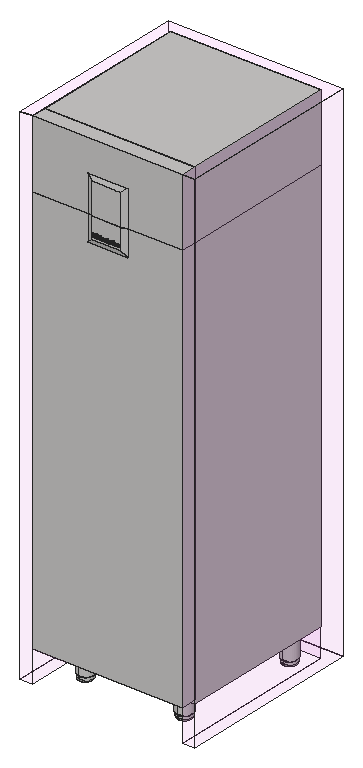
Revit family "QF_ELECTROLUXPROFESSIONAL_691344_PS04R1FHC", category Specialty Equipment, Revit 2018
Family settings
  Round Connector Dimension = Use Diameter
  Part Type = Normal
  Work Plane-Based = No
  Always vertical = Yes
  Cut with Voids When Loaded = No
  Shared = No
  Room Calculation Point = No
Parameters (values of type "Standard")
  Weight = 20.3689 lbm
  Watts = 0 W
  Volts = 220 V
  URL Manufacturer = "http://professional.electrolux.com"
  URL = "http://professional.electrolux.com"
  Steam Supply Size = 0"
  Steam Supply Minimum Pressure = 0.00 psi
  Steam Supply Maximum Pressure = 0.00 psi
  Steam Pounds per Hour = 0
  Show Clearance [instance] = yes
  Refrigeration Suction Line Size = 0"
  Refrigeration Liquid Line Size = 0"
  Refrigerant Compressor Remote = yes
  Phase = 1
  Model = "PS04R1FHC"
  Manufacturer = "Electrolux Professional"
  Length Actual = 600 mm  # constant formula
  Item Number = "691344"
  Hot Water Size = 0"
  Height Actual = 2040 mm  # constant formula
  HP = "0.2 HP"
  Gas Size = 0"
  Gas KW = 0
  Gas Input Pressure = 0.0 Btu/h
  Direct Waste Size = 0"
  Description = "1-DOOR REFRIGERATOR 470LT,0/+10°,PROSTORE-R290"
  Depth Actual = 700 mm  # constant formula
  Cycle = 50 Hz
  Condensate Return Size = 0"
  Compressed Air Volume = 0 GPM
  Compressed Air Size = 0"
  Compressed Air Pressure = 0.00 psi
  Cold Water Size = 0"
  Accessory = yes
Types (2, lengths in mm): name | URL | Phase | Model | Manufacturer | Description
  (no name) | "http://professional.electrolux.com/" | 0 | "RBC201" | "Electrolux" | "BLAST CHILLER 56 KG 20 GN1/1"
  Standard | "http://professional.electrolux.com" | 1 | "PS04R1FHC" | "Electrolux Professional" | "1-DOOR REFRIGERATOR 470LT,0/+10°,PROSTORE-R290"
Values of the unnamed type that differ from the named types
  Volts = 380 V
  URL Manufacturer = "http://professional.electrolux.com/"
  Item Number = "726624"
Reference planes
  plane 1 "BACK": y = 0
  plane 2: z = 0
  plane 3 "LEFT": x = 0
  plane 4 "RIGHT": x = 600
  plane 5 "FRONT": y = -700
  plane 6 "TOP": z = 2040
  plane 7 "Center Y": x = 300
  plane 8 "Center X": y = -350
  plane 9: x = 102
  plane 10: x = 498
  plane 11: z = 115
  plane 12: z = 86
  plane 13: y = -80
  plane 14: y = -694
  plane 15: y = -1227
  plane 16: y = -630
  plane 17: z = 1770
  plane 18: x = -50
  plane 19: y = 50
  plane 20: x = 650
Forms (mm)
  Extrusion 1, solid, material "QF_Metal - Stainless - Polished"
    sketch origin (0, 0, 0) x (1, 0, 0) y (0, 0, 1)
      loop
        line (0, 2040) -> (0, 1770) -> (600, 1770) -> (600, 2040) -> (0, 2040)
    from 0 to 630
  Extrusion 2, solid, material "QF_Metal - Stainless - Polished"
    sketch origin (0, 0, 0) x (1, 0, 0) y (0, 0, 1)
      loop
        line (0, 1770) -> (0, 115) -> (600, 115) -> (600, 1770) -> (0, 1770)
    from 0 to 630
  Extrusion 3, solid, material "QF_Metal - Stainless - Polished"
    sketch origin (-370, 0, -128) x (1, 0, 0) y (0, 0, 1)
      loop
        circle (450, 1847.083) r 20
    from -7.507 to 0
  Extrusion 4, solid, material "QF_Door-Drawer Clearances", visible <- "Show Clearance", detail levels coarse
    sketch origin (0, 0, 0) x (1, 0, 0) y (0, 1, 0)
      loop
        line (600, -694) -> (0, -694)
        arc (0, -694) -> (187.42, -1087.232) -> (600, -1227) r 559.707
        line (600, -1227) -> (600, -694)
    from 127.536 to 1770
  Extrusion 5, solid, material "QF_Metal - Stainless - Polished"
    sketch origin (0, 130.478, 0) x (1, 0, 0) y (0, 0, 1)
      loop
        line (0, 2040) -> (0, 1770) -> (600, 1770) -> (600, 2040) -> (0, 2040)
    from 760.478 to 824.478
  Extrusion 6, solid, material "QF_Metal - Stainless - Polished"
    sketch origin (0, 140, 0) x (1, 0, 0) y (0, 0, 1)
      loop
        line (0, 1770) -> (0, 127.536) -> (600, 127.536) -> (600, 1770) -> (0, 1770)
    from 834 to 770
  Revolve 7, solid, material "QF_Metal - Stainless - Polished"
    sketch origin (497.59, -2.833, 0) x (0, 1, 0) y (0, 0, -1)
      loop
        line (-590.954, -115) -> (-553.167, -115) -> (-553.167, 0) -> (-578.757, 0)
        arc (-578.757, 0) -> (-580.973, -2.655) -> (-581.767, -6.021) r 7.527
        line (-581.767, -6.021) -> (-581.767, -17.561) -> (-585.28, -21.074) -> (-585.28, -110.008) -> (-590.954, -110.008) -> (-590.954, -115)
      axis (-553.167, 0) -> (-553.167, -115)
    angle from 0 to 360
  Revolve 8, solid, material "QF_Metal - Stainless - Polished"
    sketch origin (102, -2.833, 0) x (0, 1, 0) y (0, 0, 1)
      loop
        line (-590.954, 115) -> (-590.954, 110.008) -> (-585.28, 110.008) -> (-585.28, 21.074) -> (-581.767, 17.561) -> (-581.767, 6.021)
        arc (-581.767, 6.021) -> (-580.973, 2.655) -> (-578.757, 0) r 7.527
        line (-578.757, 0) -> (-553.167, 0) -> (-553.167, 115) -> (-590.954, 115)
      axis (-553.167, 0) -> (-553.167, 115)
    angle from 0 to 360
  Revolve 9, solid, material "QF_Metal - Stainless - Polished"
    sketch origin (538, -759.167, 0) x (0, -1, 0) y (0, 0, 1)
      loop
        line (-716.954, 115) -> (-716.954, 110.008) -> (-711.28, 110.008) -> (-711.28, 21.074) -> (-707.767, 17.561) -> (-707.767, 6.021)
        arc (-707.767, 6.021) -> (-706.973, 2.655) -> (-704.757, 0) r 7.527
        line (-704.757, 0) -> (-679.167, 0) -> (-679.167, 115) -> (-716.954, 115)
      axis (-679.167, 0) -> (-679.167, 115)
    angle from 0 to 360
  Revolve 10, solid, material "QF_Metal - Stainless - Polished"
    sketch origin (62, -759.167, 0) x (0, -1, 0) y (0, 0, 1)
      loop
        line (-716.954, 115) -> (-716.954, 110.008) -> (-711.28, 110.008) -> (-711.28, 21.074) -> (-707.767, 17.561) -> (-707.767, 6.021)
        arc (-707.767, 6.021) -> (-706.973, 2.655) -> (-704.757, 0) r 7.527
        line (-704.757, 0) -> (-679.167, 0) -> (-679.167, 115) -> (-716.954, 115)
      axis (-679.167, 0) -> (-679.167, 115)
    angle from 0 to 360
  Blend 11, solid, material "QF_Metal - Stainless - Polished"
    base sketch origin (-150, -694, 0) x (1, 0, 0) y (0, 0, 1)
      loop
        line (370, 1914.822) -> (370, 1664.822) -> (530, 1664.822) -> (530, 1914.822) -> (370, 1914.822)
    top sketch origin (-150, -694, 0) x (1, 0, 0) y (0, 0, 1)
      loop
        line (510, 1894.822) -> (390, 1894.822) -> (390, 1684.822) -> (510, 1684.822) -> (510, 1894.822)
    from 0 to 6
  Extrusion 12, void
    sketch origin (-150, -700, 0) x (-1, 0, 0) y (0, 0, 1)
      loop
        line (-370, 1770.997) -> (-530, 1770.997) -> (-530, 1769.003) -> (-370, 1769.003) -> (-370, 1770.997)
    from 0 to 6
  Extrusion 13, solid, material "QF_Door-Drawer Clearances"
    sketch origin (0, 0, 0) x (1, 0, 0) y (0, 1, 0)
      loop
        line (0, -694) -> (0, 0) -> (600, 0) -> (600, -694) -> (650, -694) -> (650, 50) -> (-50, 50) -> (-50, -694) -> (0, -694)
    from 0 to 2040
Cuts and joins
  Extrusion 12 cuts Extrusion 1
  Extrusion 12 cuts Extrusion 2
  Extrusion 12 cuts Extrusion 5
  Extrusion 12 cuts Extrusion 6
  Extrusion 12 cuts Blend 11
Lines and regions (mm)
  Split face 1
    outline origin (-150, -700, 0) x (1, 0, 0) y (0, 0, 1)
      loop
        line (415, 1894.822) -> (415, 1742.499) -> (485, 1742.499) -> (485, 1894.822)
  symbolic lines
    curve 1: line (0, 0, 0) -> (600, 0, 0)
    curve 2: line (0, -694, 0) -> (0, 0, 0)
    curve 3: line (600, -694, 0) -> (0, -694, 0)
    curve 4: line (600, 0, 0) -> (600, -694, 0)
    curve 5: line (0, -630, 0) -> (600, -630, 0)
    curve 6: line (220, -694, 0) -> (240, -700, 0)
    curve 7: line (240, -700, 0) -> (360, -700, 0)
    curve 8: line (360, -700, 0) -> (380, -694, 0)
  symbolic lines, style "QF_Door-Drawer Clearances"
    curve 9: arc (0, -694, 0) -> (187.42, -1087.232, 0) -> (600, -1227, 0) r 559.707
    curve 10: line (600, -1227, 0) -> (600, -694, 0)
    curve 11: line (0, -694, 0) -> (-50, -694, 0)
    curve 12: line (-50, -694, 0) -> (-50, 50, 0)
    curve 13: line (-50, 50, 0) -> (650, 50, 0)
    curve 14: line (650, 50, 0) -> (650, -694, 0)
    curve 15: line (650, -694, 0) -> (600, -694, 0)
Dimensions and locks
  equal spacing: plane 3 "LEFT", plane 7 "Center Y", plane 4 "RIGHT"
  plane 3 "LEFT" to plane 4 "RIGHT" = 600 mm
  equal spacing: plane 5 "FRONT", plane 8 "Center X", plane 1 "BACK"
  plane 5 "FRONT" to plane 1 "BACK" = 700 mm
  plane 6 "TOP" to level = 2040 mm
  plane 9 to plane 3 "LEFT" = 102 mm
  plane 10 to plane 4 "RIGHT" = 102 mm
  plane 11 to level = 115 mm
  plane 12 to plane 11 = 29 mm
  plane 1 "BACK" to plane 13 = 80 mm
  plane 15 to plane 1 "BACK" = 1227 mm
  plane 3 "LEFT" to Extrusion 4 = 600 mm
  plane 11 to plane 2 = 115 mm
  plane 1 "BACK" to plane 16 = 630 mm
  plane 18 to plane 3 "LEFT" = 50 mm
  plane 4 "RIGHT" to plane 20 = 50 mm
  plane 1 "BACK" to plane 19 = 50 mm
  aligned and locked: level to plane 2
  aligned and locked: Extrusion 5 to plane 4 "RIGHT"
  aligned and locked: Extrusion 5 to plane 3 "LEFT"
  aligned and locked: plane 5 "FRONT" to Blend 11
Automatic sketch dimensions
  Extrusion 1 sketch curve to plane 3 "LEFT" = 0 mm
  plane 4 "RIGHT" to Extrusion 1 sketch curve = 0 mm
  Extrusion 1 sketch curve to plane 17 = 0 mm
  Extrusion 1 sketch curve to plane 6 "TOP" = 0 mm
  Extrusion 2 sketch curve to plane 3 "LEFT" = 0 mm
  plane 4 "RIGHT" to Extrusion 2 sketch curve = 0 mm
  Extrusion 2 sketch curve to plane 11 = 0 mm
  Extrusion 2 sketch curve to plane 17 = 0 mm
  Extrusion 3 sketch curve to plane 9 = 22 mm
  Extrusion 3 sketch curve to plane 17 = 50.917 mm
  Extrusion 4 sketch curve to plane 3 "LEFT" = 0 mm
  Extrusion 4 sketch curve to plane 4 "RIGHT" = 0 mm
  Extrusion 4 sketch curve to plane 15 = 0 mm
  plane 14 to Extrusion 4 sketch curve = 0 mm
  Extrusion 4 sketch curve to plane 14 = 25.214 mm
  Extrusion 5 sketch curve to plane 3 "LEFT" = 0 mm
  plane 4 "RIGHT" to Extrusion 5 sketch curve = 0 mm
  Extrusion 5 sketch curve to plane 17 = 0 mm
  Extrusion 5 sketch curve to plane 6 "TOP" = 0 mm
  Extrusion 6 sketch curve to plane 3 "LEFT" = 0 mm
  plane 4 "RIGHT" to Extrusion 6 sketch curve = 0 mm
  Extrusion 6 sketch curve to plane 17 = 0 mm
  plane 11 to Extrusion 6 sketch curve = 12.536 mm
  plane 11 to Revolve 7 sketch curve = 0 mm
  Revolve 7 sketch curve to level = 0 mm
  plane 16 to Revolve 7 sketch curve = 36.213 mm
  Revolve 7 sketch curve to Revolve 7 sketch curve = 5.674 mm
  Revolve 7 sketch curve to Revolve 7 sketch curve = 3.513 mm  (x2)
  Revolve 7 sketch curve to Revolve 7 sketch curve = 3.01 mm
  level to Revolve 7 sketch curve = 6.021 mm
  Revolve 7 sketch curve to Revolve 7 sketch curve = 21.073 mm
  Revolve 7 sketch curve to plane 11 = 4.992 mm  (x2)
  Revolve 7 sketch curve to Revolve 7 sketch curve = 15.053 mm
  Revolve 7 sketch curve to Revolve 7 sketch curve = 0 mm
  Revolve 7 sketch curve to Revolve 7 sketch curve = 20.008 mm
  Revolve 8 sketch curve to plane 11 = 0 mm
  Revolve 8 sketch curve to level = 0 mm
  plane 16 to Revolve 8 sketch curve = 36.213 mm
  Revolve 8 sketch curve to Revolve 8 sketch curve = 5.674 mm
  Revolve 8 sketch curve to Revolve 8 sketch curve = 3.513 mm  (x2)
  Revolve 8 sketch curve to Revolve 8 sketch curve = 3.01 mm
  level to Revolve 8 sketch curve = 6.021 mm
  Revolve 8 sketch curve to Revolve 8 sketch curve = 21.073 mm
  Revolve 8 sketch curve to Revolve 8 sketch curve = 11.54 mm
  Revolve 8 sketch curve to plane 11 = 4.992 mm
  Revolve 8 sketch curve to Revolve 8 sketch curve = 0 mm
  Revolve 8 sketch curve to Revolve 8 sketch curve = 4.992 mm
  plane 11 to Revolve 8 sketch curve = 20.008 mm
  Revolve 9 sketch curve to plane 11 = 0 mm
  Revolve 9 sketch curve to level = 0 mm
  Revolve 9 sketch curve to plane 13 = 0 mm  (x2)
  level to Revolve 9 sketch curve = 6.021 mm
  Revolve 9 sketch curve to plane 13 = 21.073 mm
  Revolve 9 sketch curve to Revolve 9 sketch curve = 4.517 mm
  Revolve 9 sketch curve to Revolve 9 sketch curve = 3.513 mm  (x2)
  Revolve 9 sketch curve to Revolve 9 sketch curve = 5.674 mm
  Revolve 9 sketch curve to Revolve 9 sketch curve = 11.54 mm
  Revolve 9 sketch curve to plane 11 = 4.992 mm
  Revolve 9 sketch curve to Revolve 9 sketch curve = 4.992 mm
  plane 11 to Revolve 9 sketch curve = 20.008 mm
  Revolve 10 sketch curve to plane 11 = 0 mm
  Revolve 10 sketch curve to level = 0 mm
  Revolve 10 sketch curve to plane 13 = 0 mm  (x2)
  Revolve 10 sketch curve to level = 6.021 mm
  plane 13 to Revolve 10 sketch curve = 21.073 mm
  Revolve 10 sketch curve to Revolve 10 sketch curve = 4.517 mm
  Revolve 10 sketch curve to Revolve 10 sketch curve = 3.513 mm  (x2)
  Revolve 10 sketch curve to Revolve 10 sketch curve = 5.674 mm
  Revolve 10 sketch curve to Revolve 10 sketch curve = 11.54 mm
  plane 11 to Revolve 10 sketch curve = 4.992 mm  (x2)
  Revolve 10 sketch curve to Revolve 10 sketch curve = 20.008 mm
  Blend 11 sketch curve to Extrusion 6 = 105.178 mm
  Blend 11 sketch curve to Extrusion 6 = 220 mm
  Blend 11 sketch curve to Blend 11 sketch curve = 160 mm
  Extrusion 6 to Blend 11 sketch curve = 144.822 mm
  Extrusion 6 to Blend 11 sketch curve = 124.822 mm
  Blend 11 sketch curve to Extrusion 6 = 240 mm
  Blend 11 sketch curve to Blend 11 sketch curve = 120 mm
  Blend 11 sketch curve to Extrusion 6 = 85.178 mm
  Split face 1 sketch curve to Blend 11 = 0 mm  (x2)
  Split face 1 sketch curve to Blend 11 = 25 mm  (x2)
  Split face 1 sketch curve to Blend 11 = 57.677 mm
  Extrusion 12 sketch curve to Blend 11 = 20 mm  (x2)
  Blend 11 to Extrusion 12 sketch curve = 84.181 mm
  Extrusion 12 sketch curve to Extrusion 12 sketch curve = 1.995 mm
  Extrusion 13 sketch curve to plane 18 = 0 mm
  plane 1 "BACK" to Extrusion 13 sketch curve = 0 mm
  Extrusion 13 sketch curve to plane 3 "LEFT" = 0 mm
  Extrusion 13 sketch curve to plane 4 "RIGHT" = 0 mm
  Extrusion 13 sketch curve to plane 19 = 0 mm
  Extrusion 13 sketch curve to plane 20 = 0 mm
  plane 14 to Extrusion 13 sketch curve = 0 mm  (x2)
  curve 13 to plane 18 = 0 mm
  curve 3 to plane 3 "LEFT" = 0 mm
  plane 5 "FRONT" to curve 7 = 0 mm
  curve 9 to plane 4 "RIGHT" = 0 mm
  curve 15 to plane 4 "RIGHT" = 0 mm
  plane 14 to curve 14 = 0 mm
  curve 14 to plane 20 = 0 mm
  curve 10 to plane 15 = 0 mm
  curve 5 to plane 16 = 0 mm
  plane 1 "BACK" to curve 4 = 0 mm
  curve 13 to plane 19 = 0 mm
  curve 7 to plane 7 "Center Y" = 60 mm
  plane 7 "Center Y" to curve 8 = 60 mm
  curve 9 to plane 14 = 25.214 mm
  curve 6 to curve 6 = 20 mm
  curve 7 to curve 8 = 20 mm
  radius of Extrusion 3 sketch curve = 20 mm
Nested families
  nested 1: "ELX_Logo_S" at (300.625, -700, 1704.375) x (1, 0, 0) z (0, -1, 0), type "ELX_Logo_S"
Connectors
  electrical at (80, 7.507, 1719.083), driven by "Volts"
    settings: on Extrusion 3, index 2, voltage 220 V, apparent load 0 VA, apparent load phase1 0 VA, apparent load phase2 0 VA, apparent load phase3 0 VA, power factor 1, load classification "Other", number of poles 1, system type 30, power factor state 1, is connector primary yes, connector utility no, sub classification motor no, connector description "Electrical Connection"
Definition of nested family "ELX_Logo_S"
  Parameters (values of type "ELX_Logo_S")
    Default Elevation = 0 mm
  Reference planes
    plane 1 "Centro (Fronte/Retro)": y = 0
    plane 2: z = 0
    plane 3 "Centro (Sinistra/Destra)": x = 0
  Forms (mm)
    Extrusion 1, solid
      sketch origin (0, 0, 0) x (1, 0, 0) y (0, 1, 0)
        loop
          line (-1219.2, 1219.2) -> (-1219.2, -1219.2) -> (1219.2, -1219.2) -> (1219.2, 1219.2) -> (-1219.2, 1219.2)
      from 0 to -304.8
    Extrusion 2, solid
      sketch origin (0, 0, 0) x (1, 0, 0) y (0, 1, 0)
        loop
          line (-43.793, 5.912) -> (-43.793, -6.455)
          arc (-43.793, -6.455) -> (-39.222, -0.272) -> (-43.793, 5.912) r 6.467
        loop
          arc (-44.422, 5.912) -> (-49.565, 4.743) -> (-52.043, 0.087) r 6.338
          line (-52.043, 0.087) -> (-49.997, 0.087)
          arc (-49.997, 0.087) -> (-46.342, 1.57) -> (-44.422, 5.016) r 5.941
          line (-44.422, 5.016) -> (-44.422, 5.912)
        loop
          arc (-44.422, -5.559) -> (-46.342, -2.114) -> (-49.997, -0.63) r 5.941
          line (-49.997, -0.63) -> (-52.043, -0.63)
          arc (-52.043, -0.63) -> (-49.569, -5.324) -> (-44.422, -6.614) r 6.504
          line (-44.422, -6.614) -> (-44.422, -5.559)
        loop
          line (-52.512, 6.586) -> (-52.512, -7.158) -> (-38.749, -7.158) -> (-38.749, 6.586) -> (-52.512, 6.586)
        loop
          arc (-35.782, 6.67) -> (-36.139, 6.322) -> (-35.801, 5.955) r 0.358
          arc (-35.801, 5.955) -> (-35.051, 5.641) -> (-34.666, 4.924) r 1.216
          line (-34.666, 4.924) -> (-34.666, -5.488)
          arc (-34.666, -5.488) -> (-34.944, -6.148) -> (-35.54, -6.544) r 1.238
          arc (-35.54, -6.544) -> (-35.791, -6.939) -> (-35.437, -7.244) r 0.358
          line (-35.437, -7.244) -> (-25.558, -7.244) -> (-25.558, -4.494) -> (-26.455, -4.494)
          arc (-26.455, -4.494) -> (-27.035, -5.403) -> (-28.012, -5.858) r 1.928
          line (-28.012, -5.858) -> (-30.511, -5.858)
          arc (-30.511, -5.858) -> (-31.24, -5.583) -> (-31.604, -4.894) r 1.101
          line (-31.604, -4.894) -> (-31.604, -0.808) -> (-27.931, -0.808)
          arc (-27.931, -0.808) -> (-27.434, -1.16) -> (-27.206, -1.725) r 1.083
          arc (-27.206, -1.725) -> (-26.9, -1.989) -> (-26.622, -1.697) r 0.292
          line (-26.622, -1.697) -> (-26.622, 1.265)
          arc (-26.622, 1.265) -> (-26.895, 1.568) -> (-27.225, 1.329) r 0.305
          arc (-27.225, 1.329) -> (-27.473, 0.839) -> (-27.931, 0.534) r 1.083
          line (-27.931, 0.534) -> (-31.604, 0.534) -> (-31.604, 5.211) -> (-27.857, 5.211)
          arc (-27.857, 5.211) -> (-27.101, 4.997) -> (-26.603, 4.39) r 1.314
          arc (-26.603, 4.39) -> (-26.199, 4.171) -> (-25.907, 4.526) r 0.361
          line (-25.907, 4.526) -> (-25.907, 6.67) -> (-35.782, 6.67)
        loop
          arc (-25.126, 5.953) -> (-24.207, 5.572) -> (-23.827, 4.654) r 1.299
          line (-23.827, 4.654) -> (-23.827, -4.925)
          arc (-23.827, -4.925) -> (-24.205, -5.763) -> (-25.083, -6.035) r 1.118
          line (-25.083, -6.035) -> (-25.083, -7.244) -> (-19.733, -7.244) -> (-19.733, -6.056)
          arc (-19.733, -6.056) -> (-20.65, -5.784) -> (-21.046, -4.914) r 1.153
          line (-21.046, -4.914) -> (-21.046, 7.158) -> (-25.126, 5.953)
        loop
          line (-17.097, -2.28) -> (-10.65, -2.28) -> (-10.65, -1.481)
          arc (-10.65, -1.481) -> (-11.634, 1.1) -> (-14.088, 2.369) r 3.874
          line (-14.088, 2.369) -> (-15.848, 2.369)
          arc (-15.848, 2.369) -> (-18.713, 1.182) -> (-19.899, -1.682) r 4.051
          line (-19.899, -1.682) -> (-19.899, -3.691)
          arc (-19.899, -3.691) -> (-18.414, -6.509) -> (-15.407, -7.561) r 4.352
          arc (-15.407, -7.561) -> (-12.944, -7.196) -> (-10.87, -5.819) r 5.713
          line (-10.87, -5.819) -> (-10.87, -4.87)
          arc (-10.87, -4.87) -> (-12.439, -5.603) -> (-14.157, -5.819) r 5.579
          arc (-14.157, -5.819) -> (-16.12, -5.025) -> (-17.097, -3.146) r 3.057
          line (-17.097, -3.146) -> (-17.097, -2.28)
        loop
          line (-17.097, -1.02) -> (-13.515, -1.02)
          arc (-13.515, -1.02) -> (-13.468, 0.436) -> (-14.627, 1.319) r 1.59
          line (-14.627, 1.319) -> (-15.457, 1.319)
          arc (-15.457, 1.319) -> (-16.712, 0.455) -> (-17.097, -1.02) r 2.184
        loop
          arc (-1.232, 1.771) -> (-2.906, 2.259) -> (-4.643, 2.417) r 9.023
          line (-4.643, 2.417) -> (-6.005, 2.417)
          arc (-6.005, 2.417) -> (-8.805, 1.257) -> (-9.965, -1.542) r 3.959
          line (-9.965, -1.542) -> (-9.965, -4.142)
          arc (-9.965, -4.142) -> (-8.672, -6.424) -> (-6.299, -7.541) r 4.331
          line (-6.299, -7.541) -> (-4.164, -7.541)
          arc (-4.164, -7.541) -> (-2.614, -7.033) -> (-1.268, -6.112) r 5.772
          arc (-1.268, -6.112) -> (-1.217, -5.35) -> (-1.976, -5.263) r 0.553
          arc (-1.976, -5.263) -> (-2.71, -5.651) -> (-3.529, -5.785) r 2.573
          line (-3.529, -5.785) -> (-5.044, -5.785)
          arc (-5.044, -5.785) -> (-6.686, -4.779) -> (-7.328, -2.965) r 2.884
          line (-7.328, -2.965) -> (-7.328, -1.686)
          arc (-7.328, -1.686) -> (-6.768, 0.135) -> (-5.103, 1.062) r 2.554
          line (-5.103, 1.062) -> (-4.05, 1.062)
          arc (-4.05, 1.062) -> (-3.122, 0.73) -> (-2.387, 0.073) r 2.564
          arc (-2.387, 0.073) -> (-1.67, -0.148) -> (-1.232, 0.461) r 0.643
          line (-1.232, 0.461) -> (-1.232, 1.771)
        loop
          line (-0.962, 0.752) -> (0.539, 0.752) -> (0.539, -5.296)
          arc (0.539, -5.296) -> (1.197, -6.884) -> (2.785, -7.541) r 2.246
          line (2.785, -7.541) -> (4.369, -7.541)
          arc (4.369, -7.541) -> (5.233, -7.228) -> (6.005, -6.727) r 4.06
          arc (6.005, -6.727) -> (6.138, -5.995) -> (5.437, -5.743) r 0.576
          arc (5.437, -5.743) -> (4.911, -5.849) -> (4.379, -5.785) r 1.69
          arc (4.379, -5.785) -> (3.591, -5.244) -> (3.288, -4.337) r 1.506
          line (3.288, -4.337) -> (3.288, 0.801) -> (5.685, 0.801) -> (6.241, 1.357) -> (6.241, 2.179) -> (3.382, 2.179) -> (3.382, 5.41) -> (-0.962, 0.752)
        loop
          line (7.139, -7.324) -> (12.526, -7.324) -> (12.526, -6.214)
          arc (12.526, -6.214) -> (11.575, -5.82) -> (11.181, -4.869) r 1.345
          line (11.181, -4.869) -> (11.181, -1.253)
          arc (11.181, -1.253) -> (11.773, -0.488) -> (12.695, -0.199) r 1.615
          line (12.695, -0.199) -> (14.251, -0.199) -> (14.936, 2.357) -> (13.553, 2.357) -> (10.994, 0.414) -> (10.994, 2.295) -> (8.288, 2.01)
          arc (8.288, 2.01) -> (7.758, 1.571) -> (7.959, 0.912) r 0.621
          arc (7.959, 0.912) -> (8.301, 0.512) -> (8.484, 0.018) r 1.501
          line (8.484, 0.018) -> (8.484, -4.869)
          arc (8.484, -4.869) -> (8.09, -5.82) -> (7.139, -6.214) r 1.345
          line (7.139, -6.214) -> (7.139, -7.324)
        loop
          line (14.473, -1.222) -> (14.473, -3.914)
          arc (14.473, -3.914) -> (15.781, -6.36) -> (18.311, -7.494) r 4.288
          arc (18.311, -7.494) -> (19.692, -7.557) -> (21.072, -7.494) r 15.022
          arc (21.072, -7.494) -> (23.603, -6.36) -> (24.91, -3.914) r 4.288
          line (24.91, -3.914) -> (24.91, -1.222)
          arc (24.91, -1.222) -> (23.603, 1.223) -> (21.072, 2.357) r 4.288
          arc (21.072, 2.357) -> (19.692, 2.421) -> (18.311, 2.357) r 15.022
          arc (18.311, 2.357) -> (15.781, 1.223) -> (14.473, -1.222) r 4.288
        loop
          line (17.587, -1.017) -> (17.587, -4.119)
          arc (17.587, -4.119) -> (19.744, -6.276) -> (21.901, -4.119) r 2.157
          line (21.901, -4.119) -> (21.901, -1.017)
          arc (21.901, -1.017) -> (19.744, 1.14) -> (17.587, -1.017) r 2.157
        loop
          arc (24.768, 5.964) -> (25.662, 5.593) -> (26.033, 4.699) r 1.264
          line (26.033, 4.699) -> (26.033, -5.165)
          arc (26.033, -5.165) -> (25.636, -6.035) -> (24.72, -6.307) r 1.153
          line (24.72, -6.307) -> (24.72, -7.244) -> (29.828, -7.244) -> (29.828, -6.316)
          arc (29.828, -6.316) -> (29.056, -5.957) -> (28.741, -5.165) r 1.153
          line (28.741, -5.165) -> (28.741, 7.158) -> (24.768, 5.964)
        loop
          arc (29.365, 1.084) -> (30.43, 0.885) -> (30.912, -0.085) r 1.215
          line (30.912, -0.085) -> (30.912, -5.105)
          arc (30.912, -5.105) -> (31.559, -6.719) -> (33.142, -7.44) r 2.338
          line (33.142, -7.44) -> (34.657, -7.44)
          arc (34.657, -7.44) -> (35.661, -7.266) -> (36.547, -6.763) r 2.979
          line (36.547, -6.763) -> (38.344, -7.244) -> (40.032, -7.244) -> (40.032, 2.181) -> (35.829, 1.887) -> (35.829, 1.101)
          arc (35.829, 1.101) -> (36.665, 0.745) -> (37.174, -0.007) r 1.605
          line (37.174, -0.007) -> (37.174, -5.11)
          arc (37.174, -5.11) -> (36.237, -5.531) -> (35.213, -5.603) r 2.94
          arc (35.213, -5.603) -> (34.112, -5.042) -> (33.669, -3.889) r 1.724
          line (33.669, -3.889) -> (33.669, 2.307) -> (29.365, 1.084)
        loop
          line (40.886, 2.112) -> (42.932, 0.44) -> (45.238, -2.734) -> (42.126, -6.191)
          arc (42.126, -6.191) -> (41.732, -6.428) -> (41.273, -6.405) r 0.789
          line (41.273, -6.405) -> (41.273, -7.244) -> (44.818, -7.244) -> (44.818, -6.418)
          arc (44.818, -6.418) -> (44.456, -6.076) -> (44.548, -5.586) r 0.52
          line (44.548, -5.586) -> (46.019, -3.786) -> (47.394, -5.904)
          arc (47.394, -5.904) -> (47.084, -6.305) -> (46.585, -6.392) r 0.7
          line (46.585, -6.392) -> (46.585, -7.244) -> (52.512, -7.244) -> (52.512, -6.358)
          arc (52.512, -6.358) -> (51.853, -6.291) -> (51.322, -5.896) r 1.247
          line (51.322, -5.896) -> (48.041, -1.696) -> (50.094, 0.751) -> (51.836, 2.112) -> (48.112, 2.112) -> (48.535, 0.627) -> (47.258, -0.895) -> (46.068, 0.806) -> (46.844, 2.112) -> (40.886, 2.112)
      from 0 to 1.644
  Dimensions and locks
    aligned and locked: plane 2 to Extrusion 1
    aligned and locked: level to Extrusion 1
